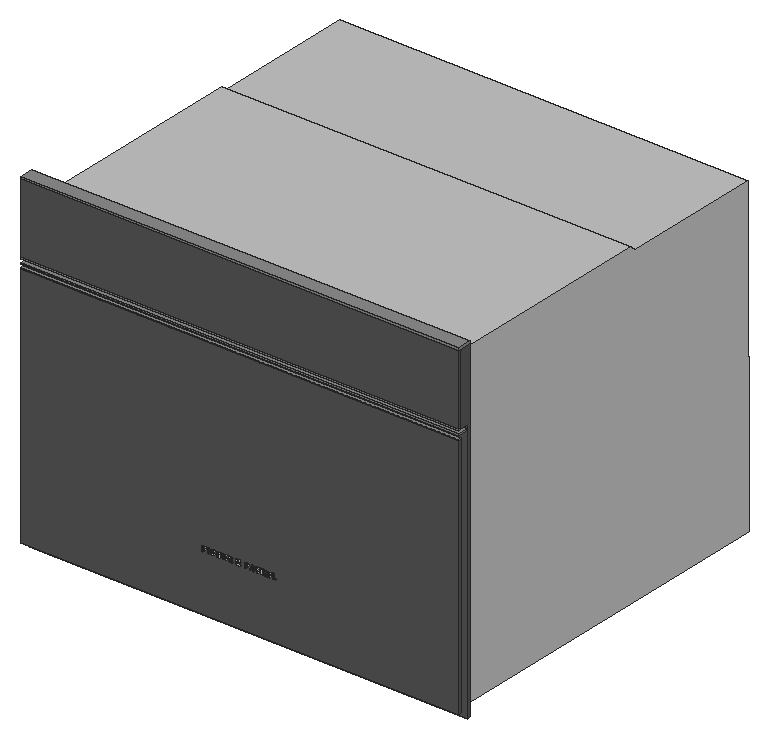
Revit family "FP-Revit20-en-OM24NMTNB1-SpeedOven-0-90003591A-AU-NZ-SG-IE-UK-CN", category Specialty Equipment, Revit 2020
Family settings
  Round Connector Dimension = Use Diameter
  Part Type = Normal
  OmniClass Number = 23.40.40.14.17.11
  OmniClass Title = Cookers, Ovens, Stoves
  Work Plane-Based = No
  Always vertical = Yes
  Cut with Voids When Loaded = Yes
  Shared = No
  Room Calculation Point = No
Parameters (values of type "OM24NMTNB1 (Black Glass)")
  Visibility - Clearance Required = yes
  URL = "www.fisherpaykel.com"
  Product - Height = 458 mm  # constant formula
  Product - Width = 596 mm  # constant formula
  Product - Depth = 565 mm  # constant formula
  Door Opening - Height = 347 mm  # constant formula
  Model = "OM24NMTNB1"
  Material - Trim = Fisher & Paykel - Aluminium, Dark
  Material - Structure = Fisher & Paykel - Black
  Material - Glass = Fisher & Paykel - Glass, Black
  Material - Body = Fisher & Paykel - Grey
  Manufacturer = "Fisher & Paykel Appliances"
  FFL Offset [instance] = 900 mm
  Description = "Speed Oven, 24\", 22 Function"
  Default Elevation = 0 mm
  Connector Description - Electrical = "208 or 240V, 60Hz ,20A"
  Chassis - Width = 556 mm  # constant formula
  Chassis - Height = 435 mm  # constant formula
  Chassis - Depth = 545 mm  # constant formula
  Cavity - Width = 560 mm  # constant formula
  Cavity - Height = 440 mm  # constant formula
  Cavity - Depth = 550 mm  # constant formula
Reference planes
  plane 1 "Datum": y = 0
  plane 2: z = -2
  plane 3 "Center (Left/Right)": x = 0
  plane 4 "Product - LHS": x = -298
  plane 5 "Product - RHS": x = 298
  plane 6 "Cavity - RHS": x = 280
  plane 7 "FFL Offset": z = 898
  plane 8 "Chassis - Depth": y = 545
  plane 9 "Front Face": y = -20
  plane 10 "Chassis - Height": z = 1333
  plane 11 "Cavity - Height": z = 1338
  plane 12 "Opening - Height": z = 1245
  plane 13 "Cavity - LHS": x = -280
  plane 14 "Cavity - Depth": y = 550
  plane 15 "Product - Height": z = 1356
  plane 16 "Opening - RHS": x = 300
  plane 17 "Opening - LHS": x = -300
  plane 18 "Chassis - LHS": x = -278
  plane 19 "Chassis RHS": x = 278
Forms (mm)
  Extrusion 1, solid, material "Fisher & Paykel - Grey" <- "Material - Body"
    sketch origin (0, 0, 0) x (0, 1, 0) y (0, 0, 1)
      loop
        line (0, 1333) -> (0, 898) -> (528, 898) -> (528, 948) -> (545, 968) -> (545, 1163) -> (498, 1218) -> (498, 1326) -> (305, 1326) -> (298, 1333) -> (0, 1333)
    from -278 to 278
  Extrusion 2, solid, material "Fisher & Paykel - Black" <- "Material - Structure", detail levels fine
    sketch origin (0, 0, 0) x (0, 1, 0) y (0, 0, 1)
      loop
        line (0, 1352.7) -> (-16, 1352.7) -> (-16, 1256) -> (-4, 1256) -> (-4, 898) -> (0, 898) -> (0, 1352.7)
    from -298 to 298
  Extrusion 3, solid, material "Fisher & Paykel - Glass, Black" <- "Material - Glass", detail levels fine
    sketch origin (0, 0, -3) x (0, 1, 0) y (0, 0, 1)
      loop
        line (-20, 1246.4) -> (-20, 912.8) -> (-16, 912.8) -> (-16, 1246.4) -> (-20, 1246.4)
      loop
        line (-20, 1260.8) -> (-16, 1260.8) -> (-16, 1355.7) -> (-20, 1355.7) -> (-20, 1260.8)
    from -298 to 298
  Extrusion 4, solid, material "Fisher & Paykel - Clearance Required", visible <- "Visibility - Clearance Required", detail levels coarse
    sketch origin (0, 0, -2) x (1, 0, 0) y (0, 1, 0)
      loop
        line (-280, 0) -> (280, 0) -> (280, 550) -> (-280, 550) -> (-280, 0)
    from 900 to 1340
  Extrusion 5, void
    sketch origin (0, 0, 0) x (0, 1, 0) y (0, 0, 1)
      loop
        line (-20, 898) -> (0, 898) -> (0, 1245) -> (-20, 1245) -> (-20, 898)
    from -300 to 300
  Extrusion 6, solid, material "Fisher & Paykel - Grey" <- "Material - Body"
    sketch origin (0, 2, 0) x (0, 1, 0) y (0, 0, 1)
      loop
        line (496, 1293.999) -> (496, 1237) -> (517.999, 1237) -> (517.999, 1293.999) -> (496, 1293.999)
    from -221 to -127
  Extrusion 7, solid, material "Fisher & Paykel - Aluminium, Dark" <- "Material - Trim", detail levels fine
    sketch origin (0, 0, -1.199) x (0, 1, 0) y (0, 0, 1)
      loop
        line (-16, 1257.199) -> (-16, 1258.999) -> (-20, 1258.999) -> (-20, 1257.199) -> (-16, 1257.199)
      loop
        line (-16, 1244.599) -> (-16, 1246.199) -> (-20, 1246.199) -> (-20, 1244.599) -> (-16, 1244.599)
      loop
        line (-4, 1250.799) -> (-4, 1252.399) -> (-20, 1252.399) -> (-20, 1250.799) -> (-4, 1250.799)
      loop
        line (0, 1353.899) -> (0, 1357.199) -> (-20, 1357.199) -> (-20, 1353.899) -> (0, 1353.899)
    from -298 to 298
  Extrusion 8, void
    sketch origin (0, 0, -2) x (1, 0, 0) y (0, 1, 0)
      loop
        line (201.865, 545) -> (229, 498) -> (278, 498) -> (278, 545) -> (201.865, 545)
      loop
        line (-201.865, 545) -> (-278, 545) -> (-278, 498) -> (-229, 498) -> (-201.865, 545)
    from 900 to 1340
  Extrusion 9, solid, material "Fisher & Paykel - Grey" <- "Material - Body"
    sketch origin (0, 6.626, -14.403) x (0, 1, 0) y (0, 0, 1)
      loop
        circle (501.374, 1279.903) r 5
    from -271 to -221
  Extrusion 10, void
    sketch origin (0, 0, -2) x (1, 0, 0) y (0, 1, 0)
      loop
        line (-280, 0) -> (280, 0) -> (280, 550) -> (-280, 550) -> (-280, 0)
    from 900 to 1340
  Extrusion 11, solid, material "Fisher & Paykel - Glass, Black" <- "Material - Glass", detail levels coarse+medium
    sketch origin (0, 0, 0) x (0, 1, 0) y (0, 0, 1)
      loop
        line (0, 1356) -> (-20, 1356) -> (-20, 1256) -> (-4, 1256) -> (-4, 1251.2) -> (-4, 1242.5) -> (-16, 1242.5) -> (-16, 1245) -> (-20, 1245) -> (-20, 909.8) -> (-4, 909.8) -> (-4, 898) -> (0, 898) -> (0, 1356)
    from -298 to 298
  Extrusion 12, solid, material "Fisher & Paykel - Black", detail levels fine
    sketch origin (0, 0, 0) x (0, 1, 0) y (0, 0, 1)
      loop
        line (-16, 1242.5) -> (-16, 909.8) -> (-4, 909.8) -> (-4, 1242.5) -> (-16, 1242.5)
    from -278 to 278
  Extrusion 13, solid, material "Fisher & Paykel - Clearance Required", visible <- "Visibility - Clearance Required", detail levels coarse
    sketch origin (0, 0, -15) x (0, 1, 0) y (0, 0, 1)
      loop
        line (-20, 927.07) -> (-20, 913) -> (0, 913) -> (0, 1260) -> (-20, 1260)
        arc (-20, 1260) -> (-242.697, 1184.786) -> (-349.951, 975.626) r 312.455
        line (-349.951, 975.626) -> (-20, 927.07)
    from -300 to 300
Cuts and joins
  Extrusion 8 cuts Extrusion 1
Text (mm)
  text "Due to ongoing product development, product details are subject to change without notice. \nPlease always refer to www.fisherpaykel.com for the most current product information. \n© Fisher & Paykel 2020" at (41.04, -613.295, 0), in view "Ref. Level (Plan)"
Dimensions and locks
  equal spacing: plane 4 "Product - LHS", plane 3 "Center (Left/Right)", plane 5 "Product - RHS"
  "Product - Width": plane 4 "Product - LHS" to plane 5 "Product - RHS"
  "FFL Offset": plane 7 "FFL Offset" to level
  locked: plane 9 "Front Face" to plane 1 "Datum" at 20
  "Cavity - Height": plane 11 "Cavity - Height" to plane 7 "FFL Offset"
  "Chassis - Height": plane 10 "Chassis - Height" to plane 7 "FFL Offset"
  "Cavity - Depth": plane 1 "Datum" to plane 14 "Cavity - Depth"
  "Cavity - Width": plane 13 "Cavity - LHS" to plane 6 "Cavity - RHS"
  Extrusion 5 to Extrusion 3 = 11.8 mm
  "Chassis - Depth": plane 1 "Datum" to plane 8 "Chassis - Depth"
  equal spacing: plane 13 "Cavity - LHS", plane 3 "Center (Left/Right)", plane 6 "Cavity - RHS"
  "Door Opening - Height": plane 7 "FFL Offset" to plane 12 "Opening - Height"
  "Product - Height": plane 7 "FFL Offset" to plane 15 "Product - Height"
  equal spacing: cut or joined group of Extrusion 1, Extrusion 8, plane 3 "Center (Left/Right)", cut or joined group of Extrusion 1, Extrusion 8
  "Chassis - Width": cut or joined group of Extrusion 1, Extrusion 8 to cut or joined group of Extrusion 1, Extrusion 8
  locked: nested 1 to plane 15 "Product - Height" at 366.018
  plane 8 "Chassis - Depth" to plane 9 "Front Face" = 565 mm
  aligned and locked: level to plane 2
  aligned and locked: plane 4 "Product - LHS" to Extrusion 3
  aligned and locked: Extrusion 3 to plane 5 "Product - RHS"
  aligned and locked: plane 4 "Product - LHS" to Extrusion 2
  aligned and locked: Extrusion 2 to plane 5 "Product - RHS"
  aligned and locked: Extrusion 1 to plane 7 "FFL Offset"
  aligned and locked: Extrusion 7 to plane 5 "Product - RHS"
  aligned and locked: Extrusion 7 to Extrusion 3
  aligned and locked: Extrusion 3 to Extrusion 5
  aligned and locked: Extrusion 3 to Extrusion 7
  aligned and locked: Extrusion 7 to plane 1 "Datum"
  aligned and locked: plane 9 "Front Face" to Extrusion 5
  aligned and locked: Extrusion 4 to plane 6 "Cavity - RHS"
  aligned and locked: Extrusion 9 to Extrusion 6
  aligned and locked: plane 11 "Cavity - Height" to Extrusion 4
  aligned and locked: Extrusion 5 to plane 12 "Opening - Height"
  aligned and locked: Extrusion 5 to Extrusion 2
  aligned and locked: Extrusion 7 to plane 15 "Product - Height"
  aligned and locked: Extrusion 7 to Extrusion 2
  aligned and locked: Extrusion 8 to Extrusion 1
  aligned and locked: Extrusion 4 to Extrusion 2
  aligned and locked: Extrusion 4 to Extrusion 8
  aligned and locked: Extrusion 4 to plane 7 "FFL Offset"
  aligned and locked: Extrusion 1 to Extrusion 8
  aligned and locked: Extrusion 11 sketch curve to plane 15 "Product - Height"
  aligned and locked: plane 11 "Cavity - Height" to Extrusion 10
  aligned and locked: Extrusion 2 to Extrusion 10
  aligned and locked: plane 10 "Chassis - Height" to Extrusion 1
  aligned and locked: Extrusion 3 to Extrusion 12
  aligned and locked: Extrusion 2 to Extrusion 3
Automatic sketch dimensions
  Extrusion 1 sketch curve to plane 1 "Datum" = 0 mm
  Extrusion 1 sketch curve to plane 10 "Chassis - Height" = 0 mm
  Extrusion 1 sketch curve to plane 7 "FFL Offset" = 0 mm
  Extrusion 1 sketch curve to plane 8 "Chassis - Depth" = 0 mm
  Extrusion 1 sketch curve to Extrusion 1 sketch curve = 7 mm
  Extrusion 1 sketch curve to plane 10 "Chassis - Height" = 7 mm
  plane 7 "FFL Offset" to Extrusion 1 sketch curve = 50 mm
  Extrusion 1 sketch curve to Extrusion 1 sketch curve = 20 mm
  Extrusion 1 sketch curve to Extrusion 1 sketch curve = 163 mm
  Extrusion 1 sketch curve to Extrusion 1 sketch curve = 55 mm
  Extrusion 2 sketch curve to plane 7 "FFL Offset" = 0 mm
  Extrusion 2 sketch curve to plane 1 "Datum" = 0 mm
  plane 1 "Datum" to Extrusion 2 sketch curve = 4 mm
  Extrusion 2 sketch curve to plane 9 "Front Face" = 4 mm
  Extrusion 2 sketch curve to plane 10 "Chassis - Height" = 77 mm
  plane 15 "Product - Height" to Extrusion 2 sketch curve = 3.3 mm
  Extrusion 3 sketch curve to plane 9 "Front Face" = 0 mm  (x2)
  Extrusion 3 sketch curve to Extrusion 3 sketch curve = 4 mm  (x2)
  plane 7 "FFL Offset" to Extrusion 3 sketch curve = 11.8 mm
  Extrusion 3 sketch curve to plane 10 "Chassis - Height" = 89.6 mm
  Extrusion 3 sketch curve to Extrusion 3 sketch curve = 14.4 mm
  plane 15 "Product - Height" to Extrusion 3 sketch curve = 3.3 mm
  Extrusion 4 sketch curve to plane 13 "Cavity - LHS" = 0 mm
  Extrusion 4 sketch curve to plane 6 "Cavity - RHS" = 0 mm
  plane 1 "Datum" to Extrusion 4 sketch curve = 0 mm
  Extrusion 4 sketch curve to plane 14 "Cavity - Depth" = 0 mm
  Extrusion 5 sketch curve to plane 9 "Front Face" = 0 mm
  Extrusion 5 sketch curve to plane 1 "Datum" = 0 mm
  Extrusion 5 sketch curve to plane 7 "FFL Offset" = 0 mm
  plane 12 "Opening - Height" to Extrusion 5 sketch curve = 0 mm
  Extrusion 6 sketch curve to Extrusion 6 sketch curve = 21.999 mm
  Extrusion 6 sketch curve to plane 10 "Chassis - Height" = 96 mm
  Extrusion 6 sketch curve to plane 10 "Chassis - Height" = 39.001 mm
  Extrusion 7 sketch curve to plane 9 "Front Face" = 0 mm  (x4)
  Extrusion 7 sketch curve to plane 1 "Datum" = 0 mm
  plane 15 "Product - Height" to Extrusion 7 sketch curve = 0 mm
  Extrusion 7 sketch curve to Extrusion 7 sketch curve = 4 mm  (x2)
  plane 1 "Datum" to Extrusion 7 sketch curve = 4 mm
  plane 15 "Product - Height" to Extrusion 7 sketch curve = 3.3 mm
  Extrusion 7 sketch curve to plane 10 "Chassis - Height" = 75.2 mm
  Extrusion 7 sketch curve to Extrusion 7 sketch curve = 1.8 mm
  Extrusion 7 sketch curve to Extrusion 7 sketch curve = 4.8 mm
  Extrusion 7 sketch curve to Extrusion 7 sketch curve = 1.6 mm  (x2)
  Extrusion 7 sketch curve to Extrusion 7 sketch curve = 4.6 mm
  Extrusion 8 sketch curve to plane 8 "Chassis - Depth" = 0 mm  (x2)
  Extrusion 8 sketch curve to plane 18 "Chassis - LHS" = 0 mm
  Extrusion 8 sketch curve to plane 19 "Chassis RHS" = 0 mm
  Extrusion 8 sketch curve to Extrusion 8 sketch curve = 49 mm  (x2)
  Extrusion 8 sketch curve to Extrusion 8 sketch curve = 27.135 mm
  Extrusion 8 sketch curve to Extrusion 8 sketch curve = 76.135 mm
  Extrusion 9 sketch curve to plane 10 "Chassis - Height" = 67.5 mm
  Extrusion 10 sketch curve to plane 13 "Cavity - LHS" = 0 mm
  Extrusion 10 sketch curve to plane 6 "Cavity - RHS" = 0 mm
  plane 1 "Datum" to Extrusion 10 sketch curve = 0 mm
  Extrusion 10 sketch curve to plane 14 "Cavity - Depth" = 0 mm
  Extrusion 11 sketch curve to plane 9 "Front Face" = 0 mm  (x2)
  Extrusion 11 sketch curve to plane 7 "FFL Offset" = 0 mm
  Extrusion 11 sketch curve to plane 1 "Datum" = 0 mm
  Extrusion 11 sketch curve to Extrusion 11 sketch curve = 4 mm
  plane 1 "Datum" to Extrusion 11 sketch curve = 4 mm  (x2)
  plane 7 "FFL Offset" to Extrusion 11 sketch curve = 11.8 mm
  Extrusion 11 sketch curve to plane 10 "Chassis - Height" = 90.5 mm
  Extrusion 11 sketch curve to Extrusion 11 sketch curve = 2.5 mm
  Extrusion 11 sketch curve to Extrusion 11 sketch curve = 8.7 mm
  Extrusion 11 sketch curve to Extrusion 11 sketch curve = 11 mm
  Extrusion 12 sketch curve to plane 9 "Front Face" = 4 mm
  plane 1 "Datum" to Extrusion 12 sketch curve = 4 mm
  plane 7 "FFL Offset" to Extrusion 12 sketch curve = 11.8 mm
  Extrusion 12 sketch curve to plane 10 "Chassis - Height" = 90.5 mm
  Extrusion 1 sketch curve to plane 8 "Chassis - Depth" = 247 mm
  Extrusion 1 sketch curve to plane 8 "Chassis - Depth" = 47 mm
  Extrusion 1 sketch curve to plane 8 "Chassis - Depth" = 17 mm
  Extrusion 6 sketch curve to plane 8 "Chassis - Depth" = 47 mm
  Extrusion 8 sketch curve to plane 8 "Chassis - Depth" = 47 mm  (x2)
  Extrusion 9 sketch curve to plane 8 "Chassis - Depth" = 37 mm
  Extrusion 13 sketch curve to plane 7 "FFL Offset" = 0 mm
  Extrusion 13 sketch curve to plane 9 "Front Face" = 0 mm  (x3)
  Extrusion 13 sketch curve to plane 1 "Datum" = 0 mm
  plane 12 "Opening - Height" to Extrusion 13 sketch curve = 0 mm  (x2)
  plane 9 "Front Face" to Extrusion 13 sketch curve = 18.71 mm
  plane 7 "FFL Offset" to Extrusion 13 sketch curve = 14.07 mm
  Extrusion 13 sketch curve to Extrusion 13 sketch curve = 21.035 mm
  plane 7 "FFL Offset" to Extrusion 13 sketch curve = 62.626 mm
  radius of Extrusion 9 sketch curve = 5 mm
Nested families
  nested 1: "F&P Logo 100mm" at (0.044, -20, 987.177), type "Grey"
Connectors
  electrical at (-174, 519.999, 1265.5)
    settings: on Extrusion 6, index 1, voltage 240 V, apparent load 0 VA, apparent load phase1 0 VA, apparent load phase2 0 VA, apparent load phase3 0 VA, power factor 1, load classification "Other", number of poles 1, system type 31, power factor state 1, is connector primary yes, connector utility no, sub classification motor no, connector description ""
Definition of nested family "F&P Logo 100mm"
  Parameters (values of type "Grey")
    URL = "www.fisherpaykel.com"
    Material - Logo = none
    Manufacturer = "Fisher & Paykel Appliances"
    Default Elevation = 0 mm
  Reference planes
    plane 1 "Center (Front/Back)": y = 0
    plane 2: z = 0
    plane 3 "Center (Left/Right)": x = 0
    plane 4 "Logo": z = 2.805
  Forms (mm)
    Extrusion 1, solid, material <- "Material - Logo", detail levels fine
      sketch origin (0, 0, 0) x (1, 0, 0) y (0, 0, 1)
        loop
          line (-50.044, 0) -> (-48.47, 0) -> (-48.47, 2.138) -> (-46.011, 2.138) -> (-46.011, 3.472) -> (-48.47, 3.472) -> (-48.47, 4.712) -> (-45.795, 4.712) -> (-45.795, 6.04) -> (-50.044, 6.04) -> (-50.044, 0)
        loop
          line (-42.804, 6.04) -> (-42.804, 0) -> (-41.23, 0) -> (-41.23, 6.04) -> (-42.804, 6.04)
        loop
          line (-30.724, 6.04) -> (-30.724, 0) -> (-29.151, 0) -> (-29.151, 2.42) -> (-26.839, 2.42) -> (-26.839, 0) -> (-25.265, 0) -> (-25.265, 6.04) -> (-26.839, 6.04) -> (-26.839, 3.748) -> (-29.151, 3.748) -> (-29.151, 6.04) -> (-30.724, 6.04)
        loop
          line (-21.906, 6.04) -> (-21.906, 0) -> (-17.602, 0) -> (-17.602, 1.328) -> (-20.347, 1.328) -> (-20.347, 2.42) -> (-17.838, 2.42) -> (-17.838, 3.748) -> (-20.347, 3.748) -> (-20.347, 4.712) -> (-17.602, 4.712) -> (-17.602, 6.04) -> (-21.906, 6.04)
        loop
          line (45.667, 6.04) -> (45.667, 0) -> (49.956, 0) -> (49.956, 1.328) -> (47.241, 1.328) -> (47.241, 6.04) -> (45.667, 6.04)
        loop
          line (42.431, 6.04) -> (38.112, 6.04) -> (38.112, 0) -> (42.431, 0) -> (42.431, 1.328) -> (39.687, 1.328) -> (39.687, 2.42) -> (42.195, 2.42) -> (42.195, 3.748) -> (39.687, 3.748) -> (39.687, 4.712) -> (42.431, 4.712) -> (42.431, 6.04)
        loop
          line (33.443, 3.137) -> (35.683, 6.04) -> (33.844, 6.04) -> (31.915, 3.542) -> (31.915, 6.04) -> (30.342, 6.04) -> (30.342, 0) -> (31.915, 0) -> (31.915, 2.705) -> (33.903, 0) -> (35.747, 0) -> (33.443, 3.137)
        loop
          line (21.98, 6.04) -> (24.262, 2.42) -> (24.262, 0) -> (25.837, 0) -> (25.837, 2.341) -> (28.119, 6.04) -> (26.446, 6.04) -> (25.099, 3.707) -> (23.753, 6.04) -> (21.98, 6.04)
        loop
          line (18.479, 6.04) -> (16.983, 6.04) -> (14.524, 0) -> (16.069, 0) -> (16.501, 1.112) -> (18.786, 1.112) -> (19.219, 0) -> (20.938, 0) -> (18.479, 6.04)
        loop
          line (18.4, 2.439) -> (17.693, 4.174) -> (17.018, 2.439) -> (18.4, 2.439)
        loop
          line (8.031, 6.04) -> (8.031, 0) -> (9.605, 0) -> (9.605, 1.938) -> (10.599, 1.938)
          arc (10.599, 1.938) -> (12.65, 3.989) -> (10.599, 6.04) r 2.051
          line (10.599, 6.04) -> (8.031, 6.04)
        loop
          line (9.605, 4.712) -> (9.605, 3.197) -> (10.501, 3.197)
          arc (10.501, 3.197) -> (11.259, 3.954) -> (10.501, 4.712) r 0.757
          line (10.501, 4.712) -> (9.605, 4.712)
        loop
          line (-11.783, 6.04) -> (-14.366, 6.04) -> (-14.366, 0) -> (-12.792, 0) -> (-12.792, 1.336) -> (-11.992, 1.336) -> (-10.972, 0) -> (-9.153, 0) -> (-10.694, 1.973)
          arc (-10.694, 1.973) -> (-9.678, 4.424) -> (-11.783, 6.04) r 2.179
        loop
          line (-11.897, 4.712) -> (-12.792, 4.712) -> (-12.792, 3.053) -> (-11.897, 3.053)
          arc (-11.897, 3.053) -> (-11.068, 3.882) -> (-11.897, 4.712) r 0.83
        loop
          line (0.477, 4.712) -> (0.477, 6.153) -> (-3.575, 6.153) -> (-3.575, 4.851) -> (-2.974, 4.112)
          arc (-2.974, 4.112) -> (-3.51, 0.684) -> (-0.045, 0.512) r 2.334
          line (-0.045, 0.512) -> (0.46, -0.109) -> (2.246, -0.109) -> (0.86, 1.594) -> (2.061, 3.324) -> (0.443, 3.324) -> (-0.013, 2.667) -> (-1.677, 4.712) -> (0.477, 4.712)
        loop
          arc (-2.125, 3.068) -> (-2.269, 1.668) -> (-0.868, 1.524) r 0.996
          line (-0.868, 1.524) -> (-2.125, 3.068)
        loop
          line (-35.18, 3.634) -> (-36.516, 3.91)
          arc (-36.516, 3.91) -> (-37.049, 4.443) -> (-36.516, 4.976) r 0.533
          arc (-36.516, 4.976) -> (-35.235, 4.79) -> (-34.059, 4.248) r 4.505
          line (-34.059, 4.248) -> (-34.059, 5.743)
          arc (-34.059, 5.743) -> (-35.549, 6.179) -> (-37.1, 6.109) r 4.726
          arc (-37.1, 6.109) -> (-38.536, 4.335) -> (-37.1, 2.561) r 1.814
          line (-37.1, 2.561) -> (-35.754, 2.282)
          arc (-35.754, 2.282) -> (-35.221, 1.749) -> (-35.754, 1.216) r 0.533
          arc (-35.754, 1.216) -> (-37.035, 1.402) -> (-38.211, 1.945) r 4.505
          line (-38.211, 1.945) -> (-38.211, 0.449)
          arc (-38.211, 0.449) -> (-36.72, 0.013) -> (-35.169, 0.083) r 4.726
          arc (-35.169, 0.083) -> (-33.734, 1.863) -> (-35.18, 3.634) r 1.814
      from 0 to 0.8
  Dimensions and locks
    aligned and locked: level to plane 2
